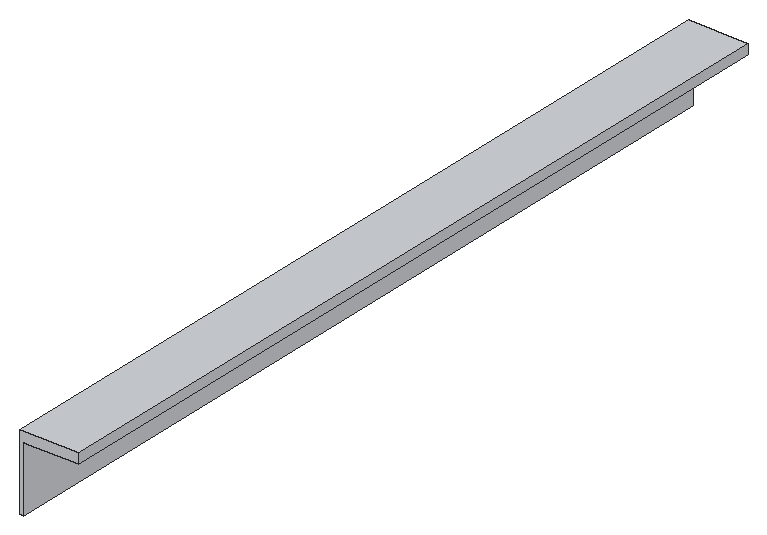
Revit family "WallSupportDuct", category Generic Models, Revit 2025
Family settings
  Can host rebar = No
  Round Connector Dimension = Use Diameter
  Part Type = Normal
  Work Plane-Based = No
  Always vertical = Yes
  Cut with Voids When Loaded = No
  Maintain Annotation Orientation = No
  Shared = No
  Room Calculation Point = No
Parameters
  Support_Length [instance] = 843.884 mm
  Default Elevation = 0 mm
Reference planes
  plane 1 "Center (Front/Back)": y = 0
  plane 2: z = 0
  plane 3 "Center (Left/Right)": x = 0
  plane 4: y = 843.884
Forms (mm)
  Extrusion 1, solid
    sketch origin (213.195, 48.473, 4211.866) x (-1, 0, 0) y (0, 0, 1)
      loop
        line (157.195, -4211.866) -> (157.195, -4221.866) -> (213.195, -4221.866) -> (213.195, -4287.866) -> (217.195, -4287.866) -> (217.195, -4211.866) -> (157.195, -4211.866)
    from -48.473 to 795.411
Dimensions and locks
  Extrusion 1 sketch curve to Extrusion 1 sketch curve = 10 mm
  Extrusion 1 to Extrusion 1 to Extrusion 1 = 10 mm locked, 66 mm locked
  "Support_Length": plane 4 to plane 1 "Center (Front/Back)"
  Extrusion 1 to Extrusion 1 to Extrusion 1 = 4 mm locked, 56 mm locked
  aligned and locked: level to plane 2
  aligned and locked: level to Extrusion 1
  aligned and locked: plane 1 "Center (Front/Back)" to Extrusion 1
  aligned and locked: Extrusion 1 to plane 4
  aligned and locked: plane 3 "Center (Left/Right)" to Extrusion 1
Automatic sketch dimensions
  Extrusion 1 sketch curve to level = 0 mm
  plane 3 "Center (Left/Right)" to Extrusion 1 sketch curve = 56 mm
  Extrusion 1 sketch curve to Extrusion 1 sketch curve = 56 mm
  Extrusion 1 sketch curve to Extrusion 1 sketch curve = 4 mm
  Extrusion 1 sketch curve to Extrusion 1 sketch curve = 66 mm
